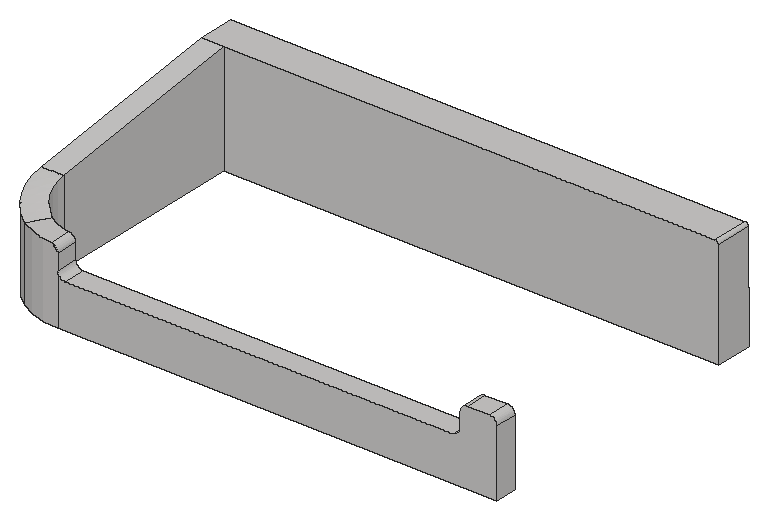
Revit family "rba-bim-rba1622-107", category Plumbing Fixtures, Revit 2018
Family settings
  Round Connector Dimension = Use Diameter
  Part Type = Normal
  Work Plane-Based = No
  Always vertical = Yes
  Cut with Voids When Loaded = No
  Shared = Yes
  Room Calculation Point = No
Parameters (values of type "RBA1622-107")
  Watermarked By = "www.rba.com.au"
  Waste Connection = yes
  Vent Connection = yes
  URL = "www.rba.com.au"
  Phone Number = ""
  Modified Issue = "20190218.01"
  Model = "RBA1622-107"
  Materials and Finishes = Stainless Steel AISI 304
  Manufacturer Model = ""
  Manufacturer = "RBA Group"  # constant formula
  HW Connection = yes
  Description = "ënda Toilet Roll Holder"
  Copyright by = "RBA Group"  # constant formula
  CW Connection = yes
Reference planes
  plane 1 "Center (Front/Back)": y = 0
  plane 2: z = 0
  plane 3 "Center (Left/Right)": x = 0
Forms (mm)
  Extrusion 1, solid, material "Stainless Steel AISI 304" <- "Materials and Finishes"
    sketch origin (0, 0, 0) x (1, 0, 0) y (0, 0, 1)
      loop
        line (-70, 30) -> (-70, 0) -> (70, 0) -> (70, 29)
        arc (70, 29) -> (69.707, 29.707) -> (69, 30) r 1
        line (69, 30) -> (-70, 30)
    from 0 to 10
  SweptBlend 2, solid, material "Stainless Steel AISI 304" <- "Materials and Finishes"
    path origin (0, 0, 0) x (1, 0, 0) y (0, 1, 0)
      loop
        line (-66.848, -10) -> (-66.848, -64)
    profile origin (-66.848, -10, 0) x (1, 0, 0) y (0, 0, 1)
      loop
        line (2.848, 30) -> (-3.152, 30) -> (-3.152, 0) -> (2.848, 0) -> (2.848, 30)
    end profile origin (-66.848, -64, 0) x (1, 0, 0) y (0, 0, 1)
      loop
        line (2.848, 22.5) -> (-3.152, 22.5) -> (-3.152, 0) -> (2.848, 0) -> (2.848, 22.5)
  SweptBlend 3, solid, material "Stainless Steel AISI 304" <- "Materials and Finishes"
    path origin (0, 0, 0) x (1, 0, 0) y (0, 1, 0)
      loop
        arc (-67, -64) -> (-64.875, -72.485) -> (-59, -78.967) r 18
    profile origin (-67, -64, 0) x (1, 0, 0) y (0, 0, 1)
      loop
        line (3, 22.5) -> (-3, 22.5) -> (-3, 0) -> (3, 0) -> (3, 22.5)
    end profile origin (-59, -78.967, 0) x (0.555556, 0.831479, 0) y (0, 0, 1)
      loop
        line (3, 20) -> (-3, 20) -> (-3, 0) -> (3, 0) -> (3, 20)
  Sweep 4, solid, material "Stainless Steel AISI 304" <- "Materials and Finishes"
    path origin (0, 0, 0) x (1, 0, 0) y (0, 1, 0)
      loop
        arc (-59, -78.967) -> (-54.225, -81.225) -> (-49, -82) r 18
        line (-49, -82) -> (70, -82)
    profile origin (-54.225, -81.225, 0) x (0.290276, 0.956943, 0) y (0, 0, 1)
      loop
        line (3, 0) -> (3, 20) -> (-3, 20) -> (-3, 0) -> (3, 0)
  Extrusion 5, void
    sketch origin (0, 0, 0) x (1, 0, 0) y (0, 0, 1)
      loop
        line (-49, 18.019) -> (-49, 14)
        arc (-49, 14) -> (-48.414, 12.586) -> (-47, 12) r 2
        line (-47, 12) -> (58, 12)
        arc (58, 12) -> (59.414, 12.586) -> (60, 14) r 2
        line (60, 14) -> (60, 18)
        arc (60, 18) -> (60.586, 19.414) -> (62, 20) r 2
        line (62, 20) -> (68, 20)
        arc (68, 20) -> (69.414, 19.414) -> (70, 18) r 2
        line (70, 18) -> (70, 22) -> (-50.725, 22) -> (-50.725, 20)
        arc (-50.725, 20) -> (-49.492, 19.332) -> (-49, 18.019) r 2
    from 77.335 to 86.98
Cuts and joins
  Extrusion 5 cuts Sweep 4
  joined: Extrusion 1, SweptBlend 2, SweptBlend 3, Sweep 4
Dimensions and locks
  aligned and locked: plane 2 to level
